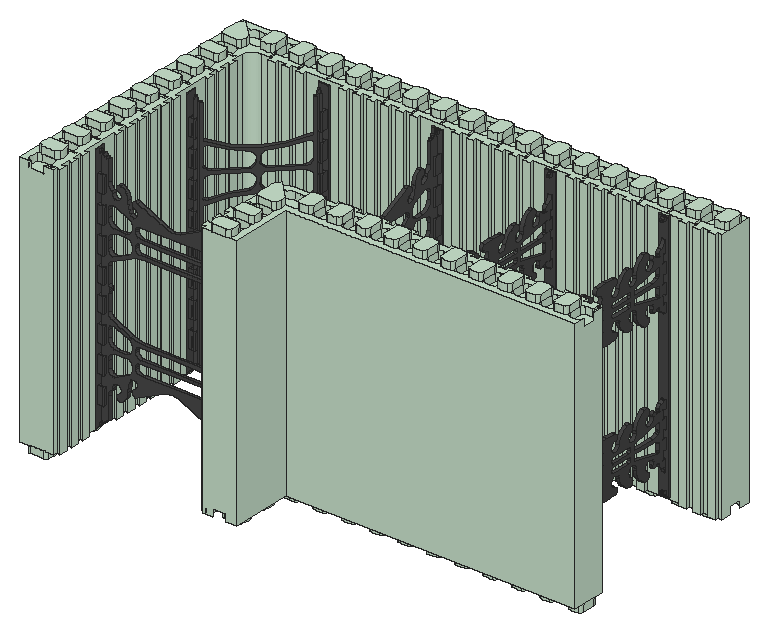
Revit family (continued)
Definition of nested family "NUDURA 10-inch Corner Insert Web"
  Forms (in)
    Extrusion 1, solid, material "Polypropylene"
      sketch origin (0, 1.8125, 0.26) x (0, 1, 0) y (0, 0, 1)
        loop
          arc (0.96879, 2.69869) -> (1.18436, 2.74313) -> (1.28125, 2.94076) r 0.25
          line (1.28125, 2.94076) -> (1.28125, 3.84375)
          arc (1.28125, 3.84375) -> (1.1348, 4.1973) -> (0.78125, 4.34375) r 0.5
        loop
          arc (0.78125, 4.53125) -> (1.1348, 4.6777) -> (1.28125, 5.03125) r 0.5
          line (1.28125, 5.03125) -> (1.28125, 5.93424)
          arc (1.28125, 5.93424) -> (1.18436, 6.13187) -> (0.96879, 6.17631) r 0.25
          arc (0.96879, 6.17631) -> (-0.18552, 5.8514) -> (-1.375, 5.69924) r 8.15703
          arc (-1.375, 5.69924) -> (-1.7514, 5.11525) -> (-1.375, 4.53125) r 0.64125
          line (-1.375, 4.53125) -> (0.78125, 4.53125)
        loop
          line (-4.90625, 5.93424) -> (-4.90625, 5.03125)
          arc (-4.90625, 5.03125) -> (-4.7598, 4.6777) -> (-4.40625, 4.53125) r 0.5
          line (-4.40625, 4.53125) -> (-2.25, 4.53125)
          arc (-2.25, 4.53125) -> (-1.8736, 5.11525) -> (-2.25, 5.69924) r 0.64125
          arc (-2.25, 5.69924) -> (-3.43948, 5.8514) -> (-4.59379, 6.17631) r 8.15703
          arc (-4.59379, 6.17631) -> (-4.80936, 6.13187) -> (-4.90625, 5.93424) r 0.25
        loop
          arc (-4.90625, 2.94076) -> (-4.80936, 2.74313) -> (-4.59379, 2.69869) r 0.25
          arc (-4.59379, 2.69869) -> (-3.43948, 3.0236) -> (-2.25, 3.17576) r 8.15703
          arc (-2.25, 3.17576) -> (-1.8736, 3.75975) -> (-2.25, 4.34375) r 0.64125
          line (-2.25, 4.34375) -> (-4.40625, 4.34375)
          arc (-4.40625, 4.34375) -> (-4.7598, 4.1973) -> (-4.90625, 3.84375) r 0.5
          line (-4.90625, 3.84375) -> (-4.90625, 2.94076)
      from -0.125 to 0.125
    Extrusion 2, solid, material "Polypropylene"
      sketch origin (0, -0.45164, 23.70793) x (0, 1, 0) y (0, 0, 1)
        loop
          line (-3.07961, -23.44793) -> (-3.00461, -23.67793)
          arc (-3.00461, -23.67793) -> (-2.95461, -23.70793) -> (-2.90461, -23.67793) r 0.05667
          line (-2.90461, -23.67793) -> (-2.82961, -23.44793) -> (-2.82961, -6.9054) -> (-2.90461, -6.6754)
          arc (-2.90461, -6.6754) -> (-2.95461, -6.6454) -> (-3.00461, -6.6754) r 0.05667
          line (-3.00461, -6.6754) -> (-3.07961, -6.9054) -> (-3.07961, -23.44793)
      from 0.14171 to 0.39171
    Extrusion 3, solid, material "Polypropylene"
      sketch origin (0, 6.36086, 23.70793) x (0, 1, 0) y (0, 0, 1)
        loop
          line (-3.07961, -23.44793) -> (-3.00461, -23.67793)
          arc (-3.00461, -23.67793) -> (-2.95461, -23.70793) -> (-2.90461, -23.67793) r 0.05667
          line (-2.90461, -23.67793) -> (-2.82961, -23.44793) -> (-2.82961, -6.9054) -> (-2.90461, -6.6754)
          arc (-2.90461, -6.6754) -> (-2.95461, -6.6454) -> (-3.00461, -6.6754) r 0.05667
          line (-3.00461, -6.6754) -> (-3.07961, -6.9054) -> (-3.07961, -23.44793)
      from 0.14171 to 0.39171
    Extrusion 4, solid, material "Polypropylene"
      sketch origin (0, 0.40625, 0) x (1, 0, 0) y (0, 1, 0)
        loop
          line (0.125, -3.50401) -> (0.125, -3.625) -> (0.09265, -3.625) -> (0.14171, -3.80849) -> (0.14171, -3.6875) -> (0.17406, -3.6875) -> (0.125, -3.50401)
      from 0.26 to 16.80253
    Extrusion 5, solid, material "Polypropylene"
      sketch origin (0, -0.40625, 0) x (1, 0, 0) y (0, 1, 0)
        loop
          line (0.125, 3.50401) -> (0.17406, 3.6875) -> (0.14171, 3.6875) -> (0.14171, 3.80849) -> (0.09265, 3.625) -> (0.125, 3.625) -> (0.125, 3.50401)
      from 0.26 to 16.80253
Definition of nested family "NUDURA Diamond Pattern"
  Reference planes (in)
    plane 1 "Center (Front/Back)": y = 0
    plane 2: z = 0
    plane 3 "Center (Left/Right)": x = 0
    plane 4: z = 18
  Lines and regions (in)
    model lines
      curve 1: line (8, -5.625, 18) -> (8, -5.625, 0)
      curve 2: line (6, -5.625, 18) -> (6, -5.625, 0)
      curve 3: line (2, -5.625, 18) -> (2, -5.625, 0)
      curve 4: line (3.35367, -5.625, 16.98484) -> (3.69709, -5.625, 16.64142)
      curve 5: arc (3.35367, -5.625, 17.51517) -> (3.24384, -5.625, 17.25) -> (3.35367, -5.625, 16.98484) r 0.375
      curve 6: line (3.72867, -5.625, 17.89017) -> (3.35367, -5.625, 17.51517)
      curve 7: arc (4.259, -5.625, 17.89017) -> (3.99384, -5.625, 18) -> (3.72867, -5.625, 17.89017) r 0.375
      curve 8: line (4.634, -5.625, 17.51517) -> (4.259, -5.625, 17.89017)
      curve 9: arc (4.634, -5.625, 16.98484) -> (4.74384, -5.625, 17.25) -> (4.634, -5.625, 17.51517) r 0.375
      curve 10: line (4.29059, -5.625, 16.64142) -> (4.634, -5.625, 16.98484)
      curve 11: arc (4.17062, -5.625, 17.80178) -> (3.99384, -5.625, 17.875) -> (3.81706, -5.625, 17.80178) r 0.25
      curve 12: line (4.54562, -5.625, 17.42678) -> (4.17062, -5.625, 17.80178)
      curve 13: arc (4.54562, -5.625, 17.07322) -> (4.61884, -5.625, 17.25) -> (4.54562, -5.625, 17.42678) r 0.25
      curve 14: line (4.17062, -5.625, 16.69822) -> (4.54562, -5.625, 17.07322)
      curve 15: arc (3.81706, -5.625, 16.69822) -> (3.99384, -5.625, 16.625) -> (4.17062, -5.625, 16.69822) r 0.25
      curve 16: line (3.44206, -5.625, 17.07322) -> (3.81706, -5.625, 16.69822)
      curve 17: arc (3.44206, -5.625, 17.42678) -> (3.36884, -5.625, 17.25) -> (3.44206, -5.625, 17.07322) r 0.25
      curve 18: line (3.81706, -5.625, 17.80178) -> (3.44206, -5.625, 17.42678)
      curve 19: arc (3.69709, -5.625, 16.35858) -> (3.75567, -5.625, 16.5) -> (3.69709, -5.625, 16.64142) r 0.2
      curve 20: line (4.634, -5.625, 16.01517) -> (4.29059, -5.625, 16.35858)
      curve 21: arc (4.634, -5.625, 15.48484) -> (4.74384, -5.625, 15.75) -> (4.634, -5.625, 16.01517) r 0.375
      curve 22: line (4.29059, -5.625, 15.14142) -> (4.634, -5.625, 15.48484)
      curve 23: line (3.35367, -5.625, 15.48484) -> (3.69709, -5.625, 15.14142)
      curve 24: arc (3.35367, -5.625, 16.01517) -> (3.24384, -5.625, 15.75) -> (3.35367, -5.625, 15.48484) r 0.375
      curve 25: line (3.69709, -5.625, 16.35858) -> (3.35367, -5.625, 16.01517)
      curve 26: arc (4.17062, -5.625, 16.30178) -> (3.99384, -5.625, 16.375) -> (3.81706, -5.625, 16.30178) r 0.25
      curve 27: line (3.81706, -5.625, 16.30178) -> (3.44206, -5.625, 15.92678)
      curve 28: arc (3.44206, -5.625, 15.92678) -> (3.36884, -5.625, 15.75) -> (3.44206, -5.625, 15.57322) r 0.25
      curve 29: line (3.44206, -5.625, 15.57322) -> (3.81706, -5.625, 15.19822)
      curve 30: arc (3.81706, -5.625, 15.19822) -> (3.99384, -5.625, 15.125) -> (4.17062, -5.625, 15.19822) r 0.25
      curve 31: line (4.17062, -5.625, 15.19822) -> (4.54562, -5.625, 15.57322)
      curve 32: arc (4.54562, -5.625, 15.57322) -> (4.61884, -5.625, 15.75) -> (4.54562, -5.625, 15.92678) r 0.25
      curve 33: line (4.54562, -5.625, 15.92678) -> (4.17062, -5.625, 16.30178)
      curve 34: arc (3.69709, -5.625, 14.85858) -> (3.75567, -5.625, 15) -> (3.69709, -5.625, 15.14142) r 0.2
      curve 35: line (4.634, -5.625, 14.51517) -> (4.29059, -5.625, 14.85858)
      curve 36: arc (4.634, -5.625, 13.98484) -> (4.74384, -5.625, 14.25) -> (4.634, -5.625, 14.51517) r 0.375
      curve 37: line (4.29059, -5.625, 13.64142) -> (4.634, -5.625, 13.98484)
      curve 38: line (3.35367, -5.625, 13.98484) -> (3.69709, -5.625, 13.64142)
      curve 39: arc (3.35367, -5.625, 14.51517) -> (3.24384, -5.625, 14.25) -> (3.35367, -5.625, 13.98484) r 0.375
      curve 40: line (3.69709, -5.625, 14.85858) -> (3.35367, -5.625, 14.51517)
      curve 41: arc (4.17062, -5.625, 14.80178) -> (3.99384, -5.625, 14.875) -> (3.81706, -5.625, 14.80178) r 0.25
      curve 42: line (3.81706, -5.625, 14.80178) -> (3.44206, -5.625, 14.42678)
      curve 43: arc (3.44206, -5.625, 14.42678) -> (3.36884, -5.625, 14.25) -> (3.44206, -5.625, 14.07322) r 0.25
      curve 44: line (3.44206, -5.625, 14.07322) -> (3.81706, -5.625, 13.69822)
      curve 45: arc (3.81706, -5.625, 13.69822) -> (3.99384, -5.625, 13.625) -> (4.17062, -5.625, 13.69822) r 0.25
      curve 46: line (4.17062, -5.625, 13.69822) -> (4.54562, -5.625, 14.07322)
      curve 47: arc (4.54562, -5.625, 14.07322) -> (4.61884, -5.625, 14.25) -> (4.54562, -5.625, 14.42678) r 0.25
      curve 48: line (4.54562, -5.625, 14.42678) -> (4.17062, -5.625, 14.80178)
      curve 49: arc (3.69709, -5.625, 13.35858) -> (3.75567, -5.625, 13.5) -> (3.69709, -5.625, 13.64142) r 0.2
      curve 50: line (4.634, -5.625, 13.01517) -> (4.29059, -5.625, 13.35858)
      curve 51: arc (4.634, -5.625, 12.48484) -> (4.74384, -5.625, 12.75) -> (4.634, -5.625, 13.01517) r 0.375
      curve 52: line (4.29059, -5.625, 12.14142) -> (4.634, -5.625, 12.48484)
      curve 53: line (3.35367, -5.625, 12.48484) -> (3.69709, -5.625, 12.14142)
      curve 54: arc (3.35367, -5.625, 13.01517) -> (3.24384, -5.625, 12.75) -> (3.35367, -5.625, 12.48484) r 0.375
      curve 55: line (3.69709, -5.625, 13.35858) -> (3.35367, -5.625, 13.01517)
      curve 56: arc (4.17062, -5.625, 13.30178) -> (3.99384, -5.625, 13.375) -> (3.81706, -5.625, 13.30178) r 0.25
      curve 57: line (3.81706, -5.625, 13.30178) -> (3.44206, -5.625, 12.92678)
      curve 58: arc (3.44206, -5.625, 12.92678) -> (3.36884, -5.625, 12.75) -> (3.44206, -5.625, 12.57322) r 0.25
      curve 59: line (3.44206, -5.625, 12.57322) -> (3.81706, -5.625, 12.19822)
      curve 60: arc (3.81706, -5.625, 12.19822) -> (3.99384, -5.625, 12.125) -> (4.17062, -5.625, 12.19822) r 0.25
      curve 61: line (4.17062, -5.625, 12.19822) -> (4.54562, -5.625, 12.57322)
      curve 62: arc (4.54562, -5.625, 12.57322) -> (4.61884, -5.625, 12.75) -> (4.54562, -5.625, 12.92678) r 0.25
      curve 63: line (4.54562, -5.625, 12.92678) -> (4.17062, -5.625, 13.30178)
      curve 64: arc (3.69709, -5.625, 11.85858) -> (3.75567, -5.625, 12) -> (3.69709, -5.625, 12.14142) r 0.2
      curve 65: line (4.634, -5.625, 11.51517) -> (4.29059, -5.625, 11.85858)
      curve 66: arc (4.634, -5.625, 10.98484) -> (4.74384, -5.625, 11.25) -> (4.634, -5.625, 11.51517) r 0.375
      curve 67: line (4.29059, -5.625, 10.64142) -> (4.634, -5.625, 10.98484)
      curve 68: line (3.35367, -5.625, 10.98484) -> (3.69709, -5.625, 10.64142)
      curve 69: arc (3.35367, -5.625, 11.51517) -> (3.24384, -5.625, 11.25) -> (3.35367, -5.625, 10.98484) r 0.375
      curve 70: line (3.69709, -5.625, 11.85858) -> (3.35367, -5.625, 11.51517)
      curve 71: arc (4.17062, -5.625, 11.80178) -> (3.99384, -5.625, 11.875) -> (3.81706, -5.625, 11.80178) r 0.25
      curve 72: line (3.81706, -5.625, 11.80178) -> (3.44206, -5.625, 11.42678)
      curve 73: arc (3.44206, -5.625, 11.42678) -> (3.36884, -5.625, 11.25) -> (3.44206, -5.625, 11.07322) r 0.25
      curve 74: line (3.44206, -5.625, 11.07322) -> (3.81706, -5.625, 10.69822)
      curve 75: arc (3.81706, -5.625, 10.69822) -> (3.99384, -5.625, 10.625) -> (4.17062, -5.625, 10.69822) r 0.25
      curve 76: line (4.17062, -5.625, 10.69822) -> (4.54562, -5.625, 11.07322)
      curve 77: arc (4.54562, -5.625, 11.07322) -> (4.61884, -5.625, 11.25) -> (4.54562, -5.625, 11.42678) r 0.25
      curve 78: line (4.54562, -5.625, 11.42678) -> (4.17062, -5.625, 11.80178)
      curve 79: arc (3.69709, -5.625, 10.35858) -> (3.75567, -5.625, 10.5) -> (3.69709, -5.625, 10.64142) r 0.2
      curve 80: line (4.634, -5.625, 10.01517) -> (4.29059, -5.625, 10.35858)
      curve 81: arc (4.634, -5.625, 9.48484) -> (4.74384, -5.625, 9.75) -> (4.634, -5.625, 10.01517) r 0.375
      curve 82: line (4.29059, -5.625, 9.14142) -> (4.634, -5.625, 9.48484)
      curve 83: line (3.35367, -5.625, 9.48484) -> (3.69709, -5.625, 9.14142)
      curve 84: arc (3.35367, -5.625, 10.01517) -> (3.24384, -5.625, 9.75) -> (3.35367, -5.625, 9.48484) r 0.375
      curve 85: line (3.69709, -5.625, 10.35858) -> (3.35367, -5.625, 10.01517)
      curve 86: arc (4.17062, -5.625, 10.30178) -> (3.99384, -5.625, 10.375) -> (3.81706, -5.625, 10.30178) r 0.25
      curve 87: line (3.81706, -5.625, 10.30178) -> (3.44206, -5.625, 9.92678)
      curve 88: arc (3.44206, -5.625, 9.92678) -> (3.36884, -5.625, 9.75) -> (3.44206, -5.625, 9.57322) r 0.25
      curve 89: line (3.44206, -5.625, 9.57322) -> (3.81706, -5.625, 9.19822)
      curve 90: arc (3.81706, -5.625, 9.19822) -> (3.99384, -5.625, 9.125) -> (4.17062, -5.625, 9.19822) r 0.25
      curve 91: line (4.17062, -5.625, 9.19822) -> (4.54562, -5.625, 9.57322)
      curve 92: arc (4.54562, -5.625, 9.57322) -> (4.61884, -5.625, 9.75) -> (4.54562, -5.625, 9.92678) r 0.25
      curve 93: line (4.54562, -5.625, 9.92678) -> (4.17062, -5.625, 10.30178)
      curve 94: arc (3.69709, -5.625, 8.85858) -> (3.75567, -5.625, 9) -> (3.69709, -5.625, 9.14142) r 0.2
      curve 95: line (4.634, -5.625, 8.51517) -> (4.29059, -5.625, 8.85858)
      curve 96: arc (4.634, -5.625, 7.98484) -> (4.74384, -5.625, 8.25) -> (4.634, -5.625, 8.51517) r 0.375
      curve 97: line (4.29059, -5.625, 7.64142) -> (4.634, -5.625, 7.98484)
      curve 98: line (3.35367, -5.625, 7.98484) -> (3.69709, -5.625, 7.64142)
      curve 99: arc (3.35367, -5.625, 8.51517) -> (3.24384, -5.625, 8.25) -> (3.35367, -5.625, 7.98484) r 0.375
      curve 100: line (3.69709, -5.625, 8.85858) -> (3.35367, -5.625, 8.51517)
      curve 101: arc (4.17062, -5.625, 8.80178) -> (3.99384, -5.625, 8.875) -> (3.81706, -5.625, 8.80178) r 0.25
      curve 102: line (3.81706, -5.625, 8.80178) -> (3.44206, -5.625, 8.42678)
      curve 103: arc (3.44206, -5.625, 8.42678) -> (3.36884, -5.625, 8.25) -> (3.44206, -5.625, 8.07322) r 0.25
      curve 104: line (3.44206, -5.625, 8.07322) -> (3.81706, -5.625, 7.69822)
      curve 105: arc (3.81706, -5.625, 7.69822) -> (3.99384, -5.625, 7.625) -> (4.17062, -5.625, 7.69822) r 0.25
      curve 106: line (4.17062, -5.625, 7.69822) -> (4.54562, -5.625, 8.07322)
      curve 107: arc (4.54562, -5.625, 8.07322) -> (4.61884, -5.625, 8.25) -> (4.54562, -5.625, 8.42678) r 0.25
      curve 108: line (4.54562, -5.625, 8.42678) -> (4.17062, -5.625, 8.80178)
      curve 109: arc (3.69709, -5.625, 7.35858) -> (3.75567, -5.625, 7.5) -> (3.69709, -5.625, 7.64142) r 0.2
      curve 110: line (4.634, -5.625, 7.01517) -> (4.29059, -5.625, 7.35858)
      curve 111: arc (4.634, -5.625, 6.48484) -> (4.74384, -5.625, 6.75) -> (4.634, -5.625, 7.01517) r 0.375
      curve 112: line (4.29059, -5.625, 6.14142) -> (4.634, -5.625, 6.48484)
      curve 113: line (3.35367, -5.625, 6.48484) -> (3.69709, -5.625, 6.14142)
      curve 114: arc (3.35367, -5.625, 7.01517) -> (3.24384, -5.625, 6.75) -> (3.35367, -5.625, 6.48484) r 0.375
      curve 115: line (3.69709, -5.625, 7.35858) -> (3.35367, -5.625, 7.01517)
      curve 116: arc (4.17062, -5.625, 7.30178) -> (3.99384, -5.625, 7.375) -> (3.81706, -5.625, 7.30178) r 0.25
      curve 117: line (3.81706, -5.625, 7.30178) -> (3.44206, -5.625, 6.92678)
      curve 118: arc (3.44206, -5.625, 6.92678) -> (3.36884, -5.625, 6.75) -> (3.44206, -5.625, 6.57322) r 0.25
      curve 119: line (3.44206, -5.625, 6.57322) -> (3.81706, -5.625, 6.19822)
      curve 120: arc (3.81706, -5.625, 6.19822) -> (3.99384, -5.625, 6.125) -> (4.17062, -5.625, 6.19822) r 0.25
      curve 121: line (4.17062, -5.625, 6.19822) -> (4.54562, -5.625, 6.57322)
      curve 122: arc (4.54562, -5.625, 6.57322) -> (4.61884, -5.625, 6.75) -> (4.54562, -5.625, 6.92678) r 0.25
      curve 123: line (4.54562, -5.625, 6.92678) -> (4.17062, -5.625, 7.30178)
      curve 124: arc (3.69709, -5.625, 5.85858) -> (3.75567, -5.625, 6) -> (3.69709, -5.625, 6.14142) r 0.2
      curve 125: line (4.634, -5.625, 5.51517) -> (4.29059, -5.625, 5.85858)
      curve 126: arc (4.634, -5.625, 4.98484) -> (4.74384, -5.625, 5.25) -> (4.634, -5.625, 5.51517) r 0.375
      curve 127: line (4.29059, -5.625, 4.64142) -> (4.634, -5.625, 4.98484)
      curve 128: line (3.35367, -5.625, 4.98484) -> (3.69709, -5.625, 4.64142)
      curve 129: arc (3.35367, -5.625, 5.51517) -> (3.24384, -5.625, 5.25) -> (3.35367, -5.625, 4.98484) r 0.375
      curve 130: line (3.69709, -5.625, 5.85858) -> (3.35367, -5.625, 5.51517)
      curve 131: arc (4.17062, -5.625, 5.80178) -> (3.99384, -5.625, 5.875) -> (3.81706, -5.625, 5.80178) r 0.25
      curve 132: line (3.81706, -5.625, 5.80178) -> (3.44206, -5.625, 5.42678)
      curve 133: arc (3.44206, -5.625, 5.42678) -> (3.36884, -5.625, 5.25) -> (3.44206, -5.625, 5.07322) r 0.25
      curve 134: line (3.44206, -5.625, 5.07322) -> (3.81706, -5.625, 4.69822)
      curve 135: arc (3.81706, -5.625, 4.69822) -> (3.99384, -5.625, 4.625) -> (4.17062, -5.625, 4.69822) r 0.25
      curve 136: line (4.17062, -5.625, 4.69822) -> (4.54562, -5.625, 5.07322)
      curve 137: arc (4.54562, -5.625, 5.07322) -> (4.61884, -5.625, 5.25) -> (4.54562, -5.625, 5.42678) r 0.25
      curve 138: line (4.54562, -5.625, 5.42678) -> (4.17062, -5.625, 5.80178)
      curve 139: arc (3.69709, -5.625, 4.35858) -> (3.75567, -5.625, 4.5) -> (3.69709, -5.625, 4.64142) r 0.2
      curve 140: line (4.634, -5.625, 4.01517) -> (4.29059, -5.625, 4.35858)
      curve 141: arc (4.634, -5.625, 3.48484) -> (4.74384, -5.625, 3.75) -> (4.634, -5.625, 4.01517) r 0.375
      curve 142: line (4.29059, -5.625, 3.14142) -> (4.634, -5.625, 3.48484)
      curve 143: line (3.35367, -5.625, 3.48484) -> (3.69709, -5.625, 3.14142)
      curve 144: arc (3.35367, -5.625, 4.01517) -> (3.24384, -5.625, 3.75) -> (3.35367, -5.625, 3.48484) r 0.375
      curve 145: line (3.69709, -5.625, 4.35858) -> (3.35367, -5.625, 4.01517)
      curve 146: arc (4.17062, -5.625, 4.30178) -> (3.99384, -5.625, 4.375) -> (3.81706, -5.625, 4.30178) r 0.25
      curve 147: line (3.81706, -5.625, 4.30178) -> (3.44206, -5.625, 3.92678)
      curve 148: arc (3.44206, -5.625, 3.92678) -> (3.36884, -5.625, 3.75) -> (3.44206, -5.625, 3.57322) r 0.25
      curve 149: line (3.44206, -5.625, 3.57322) -> (3.81706, -5.625, 3.19822)
      curve 150: arc (3.81706, -5.625, 3.19822) -> (3.99384, -5.625, 3.125) -> (4.17062, -5.625, 3.19822) r 0.25
      curve 151: line (4.17062, -5.625, 3.19822) -> (4.54562, -5.625, 3.57322)
      curve 152: arc (4.54562, -5.625, 3.57322) -> (4.61884, -5.625, 3.75) -> (4.54562, -5.625, 3.92678) r 0.25
      curve 153: line (4.54562, -5.625, 3.92678) -> (4.17062, -5.625, 4.30178)
      curve 154: arc (3.69709, -5.625, 2.85858) -> (3.75567, -5.625, 3) -> (3.69709, -5.625, 3.14142) r 0.2
      curve 155: line (4.634, -5.625, 2.51517) -> (4.29059, -5.625, 2.85858)
      curve 156: arc (4.634, -5.625, 1.98484) -> (4.74384, -5.625, 2.25) -> (4.634, -5.625, 2.51517) r 0.375
      curve 157: line (4.29059, -5.625, 1.64142) -> (4.634, -5.625, 1.98484)
      curve 158: line (3.35367, -5.625, 1.98484) -> (3.69709, -5.625, 1.64142)
      curve 159: arc (3.35367, -5.625, 2.51517) -> (3.24384, -5.625, 2.25) -> (3.35367, -5.625, 1.98484) r 0.375
      curve 160: line (3.69709, -5.625, 2.85858) -> (3.35367, -5.625, 2.51517)
      curve 161: arc (4.17062, -5.625, 2.80178) -> (3.99384, -5.625, 2.875) -> (3.81706, -5.625, 2.80178) r 0.25
      curve 162: line (3.81706, -5.625, 2.80178) -> (3.44206, -5.625, 2.42678)
      curve 163: arc (3.44206, -5.625, 2.42678) -> (3.36884, -5.625, 2.25) -> (3.44206, -5.625, 2.07322) r 0.25
      curve 164: line (3.44206, -5.625, 2.07322) -> (3.81706, -5.625, 1.69822)
      curve 165: arc (3.81706, -5.625, 1.69822) -> (3.99384, -5.625, 1.625) -> (4.17062, -5.625, 1.69822) r 0.25
      curve 166: line (4.17062, -5.625, 1.69822) -> (4.54562, -5.625, 2.07322)
      curve 167: arc (4.54562, -5.625, 2.07322) -> (4.61884, -5.625, 2.25) -> (4.54562, -5.625, 2.42678) r 0.25
      curve 168: line (4.54562, -5.625, 2.42678) -> (4.17062, -5.625, 2.80178)
      curve 169: arc (3.69709, -5.625, 1.35858) -> (3.75567, -5.625, 1.5) -> (3.69709, -5.625, 1.64142) r 0.2
      curve 170: line (3.69709, -5.625, 1.35858) -> (3.35367, -5.625, 1.01517)
      curve 171: arc (3.35367, -5.625, 1.01517) -> (3.24384, -5.625, 0.75) -> (3.35367, -5.625, 0.48484) r 0.375
      curve 172: line (3.35367, -5.625, 0.48484) -> (3.72867, -5.625, 0.10984)
      curve 173: arc (3.72867, -5.625, 0.10984) -> (3.99384, -5.625, 0) -> (4.259, -5.625, 0.10984) r 0.375
      curve 174: line (4.259, -5.625, 0.10984) -> (4.634, -5.625, 0.48484)
      curve 175: arc (4.634, -5.625, 0.48484) -> (4.74384, -5.625, 0.75) -> (4.634, -5.625, 1.01517) r 0.375
      curve 176: line (4.634, -5.625, 1.01517) -> (4.29059, -5.625, 1.35858)
      curve 177: arc (4.29059, -5.625, 1.64142) -> (4.23201, -5.625, 1.5) -> (4.29059, -5.625, 1.35858) r 0.2
      curve 178: arc (4.17062, -5.625, 1.30178) -> (3.99384, -5.625, 1.375) -> (3.81706, -5.625, 1.30178) r 0.25
      curve 179: line (4.54562, -5.625, 0.92678) -> (4.17062, -5.625, 1.30178)
      curve 180: arc (4.54562, -5.625, 0.57322) -> (4.61884, -5.625, 0.75) -> (4.54562, -5.625, 0.92678) r 0.25
      curve 181: line (4.17062, -5.625, 0.19822) -> (4.54562, -5.625, 0.57322)
      curve 182: arc (3.81706, -5.625, 0.19822) -> (3.99384, -5.625, 0.125) -> (4.17062, -5.625, 0.19822) r 0.25
      curve 183: line (3.44206, -5.625, 0.57322) -> (3.81706, -5.625, 0.19822)
      curve 184: arc (3.44206, -5.625, 0.92678) -> (3.36884, -5.625, 0.75) -> (3.44206, -5.625, 0.57322) r 0.25
      curve 185: line (3.81706, -5.625, 1.30178) -> (3.44206, -5.625, 0.92678)
      curve 186: arc (4.29059, -5.625, 3.14142) -> (4.23201, -5.625, 3) -> (4.29059, -5.625, 2.85858) r 0.2
      curve 187: arc (4.29059, -5.625, 4.64142) -> (4.23201, -5.625, 4.5) -> (4.29059, -5.625, 4.35858) r 0.2
      curve 188: arc (4.29059, -5.625, 6.14142) -> (4.23201, -5.625, 6) -> (4.29059, -5.625, 5.85858) r 0.2
      curve 189: arc (4.29059, -5.625, 7.64142) -> (4.23201, -5.625, 7.5) -> (4.29059, -5.625, 7.35858) r 0.2
      curve 190: arc (4.29059, -5.625, 9.14142) -> (4.23201, -5.625, 9) -> (4.29059, -5.625, 8.85858) r 0.2
      curve 191: arc (4.29059, -5.625, 10.64142) -> (4.23201, -5.625, 10.5) -> (4.29059, -5.625, 10.35858) r 0.2
      curve 192: arc (4.29059, -5.625, 12.14142) -> (4.23201, -5.625, 12) -> (4.29059, -5.625, 11.85858) r 0.2
      curve 193: arc (4.29059, -5.625, 13.64142) -> (4.23201, -5.625, 13.5) -> (4.29059, -5.625, 13.35858) r 0.2
      curve 194: arc (4.29059, -5.625, 15.14142) -> (4.23201, -5.625, 15) -> (4.29059, -5.625, 14.85858) r 0.2
      curve 195: arc (4.29059, -5.625, 16.64142) -> (4.23201, -5.625, 16.5) -> (4.29059, -5.625, 16.35858) r 0.2
Definition of nested family "NUDURA Diamond Pattern Missing Two lines"
  Reference planes (in)
    plane 1 "Center (Front/Back)": y = 0
    plane 2: z = 0
    plane 3 "Center (Left/Right)": x = 0
    plane 4: z = 18
  Lines and regions (in)
    model lines
      curve 1: line (2, -5.625, 18) -> (2, -5.625, 0)
      curve 2: line (3.35367, -5.625, 16.98484) -> (3.69709, -5.625, 16.64142)
      curve 3: arc (3.35367, -5.625, 17.51517) -> (3.24384, -5.625, 17.25) -> (3.35367, -5.625, 16.98484) r 0.375
      curve 4: line (3.72867, -5.625, 17.89017) -> (3.35367, -5.625, 17.51517)
      curve 5: arc (4.259, -5.625, 17.89017) -> (3.99384, -5.625, 18) -> (3.72867, -5.625, 17.89017) r 0.375
      curve 6: line (4.634, -5.625, 17.51517) -> (4.259, -5.625, 17.89017)
      curve 7: arc (4.634, -5.625, 16.98484) -> (4.74384, -5.625, 17.25) -> (4.634, -5.625, 17.51517) r 0.375
      curve 8: line (4.29059, -5.625, 16.64142) -> (4.634, -5.625, 16.98484)
      curve 9: arc (4.17062, -5.625, 17.80178) -> (3.99384, -5.625, 17.875) -> (3.81706, -5.625, 17.80178) r 0.25
      curve 10: line (4.54562, -5.625, 17.42678) -> (4.17062, -5.625, 17.80178)
      curve 11: arc (4.54562, -5.625, 17.07322) -> (4.61884, -5.625, 17.25) -> (4.54562, -5.625, 17.42678) r 0.25
      curve 12: line (4.17062, -5.625, 16.69822) -> (4.54562, -5.625, 17.07322)
      curve 13: arc (3.81706, -5.625, 16.69822) -> (3.99384, -5.625, 16.625) -> (4.17062, -5.625, 16.69822) r 0.25
      curve 14: line (3.44206, -5.625, 17.07322) -> (3.81706, -5.625, 16.69822)
      curve 15: arc (3.44206, -5.625, 17.42678) -> (3.36884, -5.625, 17.25) -> (3.44206, -5.625, 17.07322) r 0.25
      curve 16: line (3.81706, -5.625, 17.80178) -> (3.44206, -5.625, 17.42678)
      curve 17: arc (3.69709, -5.625, 16.35858) -> (3.75567, -5.625, 16.5) -> (3.69709, -5.625, 16.64142) r 0.2
      curve 18: line (4.634, -5.625, 16.01517) -> (4.29059, -5.625, 16.35858)
      curve 19: arc (4.634, -5.625, 15.48484) -> (4.74384, -5.625, 15.75) -> (4.634, -5.625, 16.01517) r 0.375
      curve 20: line (4.29059, -5.625, 15.14142) -> (4.634, -5.625, 15.48484)
      curve 21: line (3.35367, -5.625, 15.48484) -> (3.69709, -5.625, 15.14142)
      curve 22: arc (3.35367, -5.625, 16.01517) -> (3.24384, -5.625, 15.75) -> (3.35367, -5.625, 15.48484) r 0.375
      curve 23: line (3.69709, -5.625, 16.35858) -> (3.35367, -5.625, 16.01517)
      curve 24: arc (4.17062, -5.625, 16.30178) -> (3.99384, -5.625, 16.375) -> (3.81706, -5.625, 16.30178) r 0.25
      curve 25: line (3.81706, -5.625, 16.30178) -> (3.44206, -5.625, 15.92678)
      curve 26: arc (3.44206, -5.625, 15.92678) -> (3.36884, -5.625, 15.75) -> (3.44206, -5.625, 15.57322) r 0.25
      curve 27: line (3.44206, -5.625, 15.57322) -> (3.81706, -5.625, 15.19822)
      curve 28: arc (3.81706, -5.625, 15.19822) -> (3.99384, -5.625, 15.125) -> (4.17062, -5.625, 15.19822) r 0.25
      curve 29: line (4.17062, -5.625, 15.19822) -> (4.54562, -5.625, 15.57322)
      curve 30: arc (4.54562, -5.625, 15.57322) -> (4.61884, -5.625, 15.75) -> (4.54562, -5.625, 15.92678) r 0.25
      curve 31: line (4.54562, -5.625, 15.92678) -> (4.17062, -5.625, 16.30178)
      curve 32: arc (3.69709, -5.625, 14.85858) -> (3.75567, -5.625, 15) -> (3.69709, -5.625, 15.14142) r 0.2
      curve 33: line (4.634, -5.625, 14.51517) -> (4.29059, -5.625, 14.85858)
      curve 34: arc (4.634, -5.625, 13.98484) -> (4.74384, -5.625, 14.25) -> (4.634, -5.625, 14.51517) r 0.375
      curve 35: line (4.29059, -5.625, 13.64142) -> (4.634, -5.625, 13.98484)
      curve 36: line (3.35367, -5.625, 13.98484) -> (3.69709, -5.625, 13.64142)
      curve 37: arc (3.35367, -5.625, 14.51517) -> (3.24384, -5.625, 14.25) -> (3.35367, -5.625, 13.98484) r 0.375
      curve 38: line (3.69709, -5.625, 14.85858) -> (3.35367, -5.625, 14.51517)
      curve 39: arc (4.17062, -5.625, 14.80178) -> (3.99384, -5.625, 14.875) -> (3.81706, -5.625, 14.80178) r 0.25
      curve 40: line (3.81706, -5.625, 14.80178) -> (3.44206, -5.625, 14.42678)
      curve 41: arc (3.44206, -5.625, 14.42678) -> (3.36884, -5.625, 14.25) -> (3.44206, -5.625, 14.07322) r 0.25
      curve 42: line (3.44206, -5.625, 14.07322) -> (3.81706, -5.625, 13.69822)
      curve 43: arc (3.81706, -5.625, 13.69822) -> (3.99384, -5.625, 13.625) -> (4.17062, -5.625, 13.69822) r 0.25
      curve 44: line (4.17062, -5.625, 13.69822) -> (4.54562, -5.625, 14.07322)
      curve 45: arc (4.54562, -5.625, 14.07322) -> (4.61884, -5.625, 14.25) -> (4.54562, -5.625, 14.42678) r 0.25
      curve 46: line (4.54562, -5.625, 14.42678) -> (4.17062, -5.625, 14.80178)
      curve 47: arc (3.69709, -5.625, 13.35858) -> (3.75567, -5.625, 13.5) -> (3.69709, -5.625, 13.64142) r 0.2
      curve 48: line (4.634, -5.625, 13.01517) -> (4.29059, -5.625, 13.35858)
      curve 49: arc (4.634, -5.625, 12.48484) -> (4.74384, -5.625, 12.75) -> (4.634, -5.625, 13.01517) r 0.375
      curve 50: line (4.29059, -5.625, 12.14142) -> (4.634, -5.625, 12.48484)
      curve 51: line (3.35367, -5.625, 12.48484) -> (3.69709, -5.625, 12.14142)
      curve 52: arc (3.35367, -5.625, 13.01517) -> (3.24384, -5.625, 12.75) -> (3.35367, -5.625, 12.48484) r 0.375
      curve 53: line (3.69709, -5.625, 13.35858) -> (3.35367, -5.625, 13.01517)
      curve 54: arc (4.17062, -5.625, 13.30178) -> (3.99384, -5.625, 13.375) -> (3.81706, -5.625, 13.30178) r 0.25
      curve 55: line (3.81706, -5.625, 13.30178) -> (3.44206, -5.625, 12.92678)
      curve 56: arc (3.44206, -5.625, 12.92678) -> (3.36884, -5.625, 12.75) -> (3.44206, -5.625, 12.57322) r 0.25
      curve 57: line (3.44206, -5.625, 12.57322) -> (3.81706, -5.625, 12.19822)
      curve 58: arc (3.81706, -5.625, 12.19822) -> (3.99384, -5.625, 12.125) -> (4.17062, -5.625, 12.19822) r 0.25
      curve 59: line (4.17062, -5.625, 12.19822) -> (4.54562, -5.625, 12.57322)
      curve 60: arc (4.54562, -5.625, 12.57322) -> (4.61884, -5.625, 12.75) -> (4.54562, -5.625, 12.92678) r 0.25
      curve 61: line (4.54562, -5.625, 12.92678) -> (4.17062, -5.625, 13.30178)
      curve 62: arc (3.69709, -5.625, 11.85858) -> (3.75567, -5.625, 12) -> (3.69709, -5.625, 12.14142) r 0.2
      curve 63: line (4.634, -5.625, 11.51517) -> (4.29059, -5.625, 11.85858)
      curve 64: arc (4.634, -5.625, 10.98484) -> (4.74384, -5.625, 11.25) -> (4.634, -5.625, 11.51517) r 0.375
      curve 65: line (4.29059, -5.625, 10.64142) -> (4.634, -5.625, 10.98484)
      curve 66: line (3.35367, -5.625, 10.98484) -> (3.69709, -5.625, 10.64142)
      curve 67: arc (3.35367, -5.625, 11.51517) -> (3.24384, -5.625, 11.25) -> (3.35367, -5.625, 10.98484) r 0.375
      curve 68: line (3.69709, -5.625, 11.85858) -> (3.35367, -5.625, 11.51517)
      curve 69: arc (4.17062, -5.625, 11.80178) -> (3.99384, -5.625, 11.875) -> (3.81706, -5.625, 11.80178) r 0.25
      curve 70: line (3.81706, -5.625, 11.80178) -> (3.44206, -5.625, 11.42678)
      curve 71: arc (3.44206, -5.625, 11.42678) -> (3.36884, -5.625, 11.25) -> (3.44206, -5.625, 11.07322) r 0.25
      curve 72: line (3.44206, -5.625, 11.07322) -> (3.81706, -5.625, 10.69822)
      curve 73: arc (3.81706, -5.625, 10.69822) -> (3.99384, -5.625, 10.625) -> (4.17062, -5.625, 10.69822) r 0.25
      curve 74: line (4.17062, -5.625, 10.69822) -> (4.54562, -5.625, 11.07322)
      curve 75: arc (4.54562, -5.625, 11.07322) -> (4.61884, -5.625, 11.25) -> (4.54562, -5.625, 11.42678) r 0.25
      curve 76: line (4.54562, -5.625, 11.42678) -> (4.17062, -5.625, 11.80178)
      curve 77: arc (3.69709, -5.625, 10.35858) -> (3.75567, -5.625, 10.5) -> (3.69709, -5.625, 10.64142) r 0.2
      curve 78: line (4.634, -5.625, 10.01517) -> (4.29059, -5.625, 10.35858)
      curve 79: arc (4.634, -5.625, 9.48484) -> (4.74384, -5.625, 9.75) -> (4.634, -5.625, 10.01517) r 0.375
      curve 80: line (4.29059, -5.625, 9.14142) -> (4.634, -5.625, 9.48484)
      curve 81: line (3.35367, -5.625, 9.48484) -> (3.69709, -5.625, 9.14142)
      curve 82: arc (3.35367, -5.625, 10.01517) -> (3.24384, -5.625, 9.75) -> (3.35367, -5.625, 9.48484) r 0.375
      curve 83: line (3.69709, -5.625, 10.35858) -> (3.35367, -5.625, 10.01517)
      curve 84: arc (4.17062, -5.625, 10.30178) -> (3.99384, -5.625, 10.375) -> (3.81706, -5.625, 10.30178) r 0.25
      curve 85: line (3.81706, -5.625, 10.30178) -> (3.44206, -5.625, 9.92678)
      curve 86: arc (3.44206, -5.625, 9.92678) -> (3.36884, -5.625, 9.75) -> (3.44206, -5.625, 9.57322) r 0.25
      curve 87: line (3.44206, -5.625, 9.57322) -> (3.81706, -5.625, 9.19822)
      curve 88: arc (3.81706, -5.625, 9.19822) -> (3.99384, -5.625, 9.125) -> (4.17062, -5.625, 9.19822) r 0.25
      curve 89: line (4.17062, -5.625, 9.19822) -> (4.54562, -5.625, 9.57322)
      curve 90: arc (4.54562, -5.625, 9.57322) -> (4.61884, -5.625, 9.75) -> (4.54562, -5.625, 9.92678) r 0.25
      curve 91: line (4.54562, -5.625, 9.92678) -> (4.17062, -5.625, 10.30178)
      curve 92: arc (3.69709, -5.625, 8.85858) -> (3.75567, -5.625, 9) -> (3.69709, -5.625, 9.14142) r 0.2
      curve 93: line (4.634, -5.625, 8.51517) -> (4.29059, -5.625, 8.85858)
      curve 94: arc (4.634, -5.625, 7.98484) -> (4.74384, -5.625, 8.25) -> (4.634, -5.625, 8.51517) r 0.375
      curve 95: line (4.29059, -5.625, 7.64142) -> (4.634, -5.625, 7.98484)
      curve 96: line (3.35367, -5.625, 7.98484) -> (3.69709, -5.625, 7.64142)
      curve 97: arc (3.35367, -5.625, 8.51517) -> (3.24384, -5.625, 8.25) -> (3.35367, -5.625, 7.98484) r 0.375
      curve 98: line (3.69709, -5.625, 8.85858) -> (3.35367, -5.625, 8.51517)
      curve 99: arc (4.17062, -5.625, 8.80178) -> (3.99384, -5.625, 8.875) -> (3.81706, -5.625, 8.80178) r 0.25
      curve 100: line (3.81706, -5.625, 8.80178) -> (3.44206, -5.625, 8.42678)
      curve 101: arc (3.44206, -5.625, 8.42678) -> (3.36884, -5.625, 8.25) -> (3.44206, -5.625, 8.07322) r 0.25
      curve 102: line (3.44206, -5.625, 8.07322) -> (3.81706, -5.625, 7.69822)
      curve 103: arc (3.81706, -5.625, 7.69822) -> (3.99384, -5.625, 7.625) -> (4.17062, -5.625, 7.69822) r 0.25
      curve 104: line (4.17062, -5.625, 7.69822) -> (4.54562, -5.625, 8.07322)
      curve 105: arc (4.54562, -5.625, 8.07322) -> (4.61884, -5.625, 8.25) -> (4.54562, -5.625, 8.42678) r 0.25
      curve 106: line (4.54562, -5.625, 8.42678) -> (4.17062, -5.625, 8.80178)
      curve 107: arc (3.69709, -5.625, 7.35858) -> (3.75567, -5.625, 7.5) -> (3.69709, -5.625, 7.64142) r 0.2
      curve 108: line (4.634, -5.625, 7.01517) -> (4.29059, -5.625, 7.35858)
      curve 109: arc (4.634, -5.625, 6.48484) -> (4.74384, -5.625, 6.75) -> (4.634, -5.625, 7.01517) r 0.375
      curve 110: line (4.29059, -5.625, 6.14142) -> (4.634, -5.625, 6.48484)
      curve 111: line (3.35367, -5.625, 6.48484) -> (3.69709, -5.625, 6.14142)
      curve 112: arc (3.35367, -5.625, 7.01517) -> (3.24384, -5.625, 6.75) -> (3.35367, -5.625, 6.48484) r 0.375
      curve 113: line (3.69709, -5.625, 7.35858) -> (3.35367, -5.625, 7.01517)
      curve 114: arc (4.17062, -5.625, 7.30178) -> (3.99384, -5.625, 7.375) -> (3.81706, -5.625, 7.30178) r 0.25
      curve 115: line (3.81706, -5.625, 7.30178) -> (3.44206, -5.625, 6.92678)
      curve 116: arc (3.44206, -5.625, 6.92678) -> (3.36884, -5.625, 6.75) -> (3.44206, -5.625, 6.57322) r 0.25
      curve 117: line (3.44206, -5.625, 6.57322) -> (3.81706, -5.625, 6.19822)
      curve 118: arc (3.81706, -5.625, 6.19822) -> (3.99384, -5.625, 6.125) -> (4.17062, -5.625, 6.19822) r 0.25
      curve 119: line (4.17062, -5.625, 6.19822) -> (4.54562, -5.625, 6.57322)
      curve 120: arc (4.54562, -5.625, 6.57322) -> (4.61884, -5.625, 6.75) -> (4.54562, -5.625, 6.92678) r 0.25
      curve 121: line (4.54562, -5.625, 6.92678) -> (4.17062, -5.625, 7.30178)
      curve 122: arc (3.69709, -5.625, 5.85858) -> (3.75567, -5.625, 6) -> (3.69709, -5.625, 6.14142) r 0.2
      curve 123: line (4.634, -5.625, 5.51517) -> (4.29059, -5.625, 5.85858)
      curve 124: arc (4.634, -5.625, 4.98484) -> (4.74384, -5.625, 5.25) -> (4.634, -5.625, 5.51517) r 0.375
      curve 125: line (4.29059, -5.625, 4.64142) -> (4.634, -5.625, 4.98484)
      curve 126: line (3.35367, -5.625, 4.98484) -> (3.69709, -5.625, 4.64142)
      curve 127: arc (3.35367, -5.625, 5.51517) -> (3.24384, -5.625, 5.25) -> (3.35367, -5.625, 4.98484) r 0.375
      curve 128: line (3.69709, -5.625, 5.85858) -> (3.35367, -5.625, 5.51517)
      curve 129: arc (4.17062, -5.625, 5.80178) -> (3.99384, -5.625, 5.875) -> (3.81706, -5.625, 5.80178) r 0.25
      curve 130: line (3.81706, -5.625, 5.80178) -> (3.44206, -5.625, 5.42678)
      curve 131: arc (3.44206, -5.625, 5.42678) -> (3.36884, -5.625, 5.25) -> (3.44206, -5.625, 5.07322) r 0.25
      curve 132: line (3.44206, -5.625, 5.07322) -> (3.81706, -5.625, 4.69822)
      curve 133: arc (3.81706, -5.625, 4.69822) -> (3.99384, -5.625, 4.625) -> (4.17062, -5.625, 4.69822) r 0.25
      curve 134: line (4.17062, -5.625, 4.69822) -> (4.54562, -5.625, 5.07322)
      curve 135: arc (4.54562, -5.625, 5.07322) -> (4.61884, -5.625, 5.25) -> (4.54562, -5.625, 5.42678) r 0.25
      curve 136: line (4.54562, -5.625, 5.42678) -> (4.17062, -5.625, 5.80178)
      curve 137: arc (3.69709, -5.625, 4.35858) -> (3.75567, -5.625, 4.5) -> (3.69709, -5.625, 4.64142) r 0.2
      curve 138: line (4.634, -5.625, 4.01517) -> (4.29059, -5.625, 4.35858)
      curve 139: arc (4.634, -5.625, 3.48484) -> (4.74384, -5.625, 3.75) -> (4.634, -5.625, 4.01517) r 0.375
      curve 140: line (4.29059, -5.625, 3.14142) -> (4.634, -5.625, 3.48484)
      curve 141: line (3.35367, -5.625, 3.48484) -> (3.69709, -5.625, 3.14142)
      curve 142: arc (3.35367, -5.625, 4.01517) -> (3.24384, -5.625, 3.75) -> (3.35367, -5.625, 3.48484) r 0.375
      curve 143: line (3.69709, -5.625, 4.35858) -> (3.35367, -5.625, 4.01517)
      curve 144: arc (4.17062, -5.625, 4.30178) -> (3.99384, -5.625, 4.375) -> (3.81706, -5.625, 4.30178) r 0.25
      curve 145: line (3.81706, -5.625, 4.30178) -> (3.44206, -5.625, 3.92678)
      curve 146: arc (3.44206, -5.625, 3.92678) -> (3.36884, -5.625, 3.75) -> (3.44206, -5.625, 3.57322) r 0.25
      curve 147: line (3.44206, -5.625, 3.57322) -> (3.81706, -5.625, 3.19822)
      curve 148: arc (3.81706, -5.625, 3.19822) -> (3.99384, -5.625, 3.125) -> (4.17062, -5.625, 3.19822) r 0.25
      curve 149: line (4.17062, -5.625, 3.19822) -> (4.54562, -5.625, 3.57322)
      curve 150: arc (4.54562, -5.625, 3.57322) -> (4.61884, -5.625, 3.75) -> (4.54562, -5.625, 3.92678) r 0.25
      curve 151: line (4.54562, -5.625, 3.92678) -> (4.17062, -5.625, 4.30178)
      curve 152: arc (3.69709, -5.625, 2.85858) -> (3.75567, -5.625, 3) -> (3.69709, -5.625, 3.14142) r 0.2
      curve 153: line (4.634, -5.625, 2.51517) -> (4.29059, -5.625, 2.85858)
      curve 154: arc (4.634, -5.625, 1.98484) -> (4.74384, -5.625, 2.25) -> (4.634, -5.625, 2.51517) r 0.375
      curve 155: line (4.29059, -5.625, 1.64142) -> (4.634, -5.625, 1.98484)
      curve 156: line (3.35367, -5.625, 1.98484) -> (3.69709, -5.625, 1.64142)
      curve 157: arc (3.35367, -5.625, 2.51517) -> (3.24384, -5.625, 2.25) -> (3.35367, -5.625, 1.98484) r 0.375
      curve 158: line (3.69709, -5.625, 2.85858) -> (3.35367, -5.625, 2.51517)
      curve 159: arc (4.17062, -5.625, 2.80178) -> (3.99384, -5.625, 2.875) -> (3.81706, -5.625, 2.80178) r 0.25
      curve 160: line (3.81706, -5.625, 2.80178) -> (3.44206, -5.625, 2.42678)
      curve 161: arc (3.44206, -5.625, 2.42678) -> (3.36884, -5.625, 2.25) -> (3.44206, -5.625, 2.07322) r 0.25
      curve 162: line (3.44206, -5.625, 2.07322) -> (3.81706, -5.625, 1.69822)
      curve 163: arc (3.81706, -5.625, 1.69822) -> (3.99384, -5.625, 1.625) -> (4.17062, -5.625, 1.69822) r 0.25
      curve 164: line (4.17062, -5.625, 1.69822) -> (4.54562, -5.625, 2.07322)
      curve 165: arc (4.54562, -5.625, 2.07322) -> (4.61884, -5.625, 2.25) -> (4.54562, -5.625, 2.42678) r 0.25
      curve 166: line (4.54562, -5.625, 2.42678) -> (4.17062, -5.625, 2.80178)
      curve 167: arc (3.69709, -5.625, 1.35858) -> (3.75567, -5.625, 1.5) -> (3.69709, -5.625, 1.64142) r 0.2
      curve 168: line (3.69709, -5.625, 1.35858) -> (3.35367, -5.625, 1.01517)
      curve 169: arc (3.35367, -5.625, 1.01517) -> (3.24384, -5.625, 0.75) -> (3.35367, -5.625, 0.48484) r 0.375
      curve 170: line (3.35367, -5.625, 0.48484) -> (3.72867, -5.625, 0.10984)
      curve 171: arc (3.72867, -5.625, 0.10984) -> (3.99384, -5.625, 0) -> (4.259, -5.625, 0.10984) r 0.375
      curve 172: line (4.259, -5.625, 0.10984) -> (4.634, -5.625, 0.48484)
      curve 173: arc (4.634, -5.625, 0.48484) -> (4.74384, -5.625, 0.75) -> (4.634, -5.625, 1.01517) r 0.375
      curve 174: line (4.634, -5.625, 1.01517) -> (4.29059, -5.625, 1.35858)
      curve 175: arc (4.29059, -5.625, 1.64142) -> (4.23201, -5.625, 1.5) -> (4.29059, -5.625, 1.35858) r 0.2
      curve 176: arc (4.17062, -5.625, 1.30178) -> (3.99384, -5.625, 1.375) -> (3.81706, -5.625, 1.30178) r 0.25
      curve 177: line (4.54562, -5.625, 0.92678) -> (4.17062, -5.625, 1.30178)
      curve 178: arc (4.54562, -5.625, 0.57322) -> (4.61884, -5.625, 0.75) -> (4.54562, -5.625, 0.92678) r 0.25
      curve 179: line (4.17062, -5.625, 0.19822) -> (4.54562, -5.625, 0.57322)
      curve 180: arc (3.81706, -5.625, 0.19822) -> (3.99384, -5.625, 0.125) -> (4.17062, -5.625, 0.19822) r 0.25
      curve 181: line (3.44206, -5.625, 0.57322) -> (3.81706, -5.625, 0.19822)
      curve 182: arc (3.44206, -5.625, 0.92678) -> (3.36884, -5.625, 0.75) -> (3.44206, -5.625, 0.57322) r 0.25
      curve 183: line (3.81706, -5.625, 1.30178) -> (3.44206, -5.625, 0.92678)
      curve 184: arc (4.29059, -5.625, 3.14142) -> (4.23201, -5.625, 3) -> (4.29059, -5.625, 2.85858) r 0.2
      curve 185: arc (4.29059, -5.625, 4.64142) -> (4.23201, -5.625, 4.5) -> (4.29059, -5.625, 4.35858) r 0.2
      curve 186: arc (4.29059, -5.625, 6.14142) -> (4.23201, -5.625, 6) -> (4.29059, -5.625, 5.85858) r 0.2
      curve 187: arc (4.29059, -5.625, 7.64142) -> (4.23201, -5.625, 7.5) -> (4.29059, -5.625, 7.35858) r 0.2
      curve 188: arc (4.29059, -5.625, 9.14142) -> (4.23201, -5.625, 9) -> (4.29059, -5.625, 8.85858) r 0.2
      curve 189: arc (4.29059, -5.625, 10.64142) -> (4.23201, -5.625, 10.5) -> (4.29059, -5.625, 10.35858) r 0.2
      curve 190: arc (4.29059, -5.625, 12.14142) -> (4.23201, -5.625, 12) -> (4.29059, -5.625, 11.85858) r 0.2
      curve 191: arc (4.29059, -5.625, 13.64142) -> (4.23201, -5.625, 13.5) -> (4.29059, -5.625, 13.35858) r 0.2
      curve 192: arc (4.29059, -5.625, 15.14142) -> (4.23201, -5.625, 15) -> (4.29059, -5.625, 14.85858) r 0.2
      curve 193: arc (4.29059, -5.625, 16.64142) -> (4.23201, -5.625, 16.5) -> (4.29059, -5.625, 16.35858) r 0.2
Definition of nested family "NUDURA Diamond Pattern Missing Left Line"
  Reference planes (in)
    plane 1 "Center (Front/Back)": y = 0
    plane 2: z = 0
    plane 3 "Center (Left/Right)": x = 0
    plane 4: z = 18
  Lines and regions (in)
    model lines
      curve 1: line (8, -5.625, 18) -> (8, -5.625, 0)
      curve 2: line (6, -5.625, 18) -> (6, -5.625, 0)
      curve 3: line (3.35367, -5.625, 16.98484) -> (3.69709, -5.625, 16.64142)
      curve 4: arc (3.35367, -5.625, 17.51517) -> (3.24384, -5.625, 17.25) -> (3.35367, -5.625, 16.98484) r 0.375
      curve 5: line (3.72867, -5.625, 17.89017) -> (3.35367, -5.625, 17.51517)
      curve 6: arc (4.259, -5.625, 17.89017) -> (3.99384, -5.625, 18) -> (3.72867, -5.625, 17.89017) r 0.375
      curve 7: line (4.634, -5.625, 17.51517) -> (4.259, -5.625, 17.89017)
      curve 8: arc (4.634, -5.625, 16.98484) -> (4.74384, -5.625, 17.25) -> (4.634, -5.625, 17.51517) r 0.375
      curve 9: line (4.29059, -5.625, 16.64142) -> (4.634, -5.625, 16.98484)
      curve 10: arc (4.17062, -5.625, 17.80178) -> (3.99384, -5.625, 17.875) -> (3.81706, -5.625, 17.80178) r 0.25
      curve 11: line (4.54562, -5.625, 17.42678) -> (4.17062, -5.625, 17.80178)
      curve 12: arc (4.54562, -5.625, 17.07322) -> (4.61884, -5.625, 17.25) -> (4.54562, -5.625, 17.42678) r 0.25
      curve 13: line (4.17062, -5.625, 16.69822) -> (4.54562, -5.625, 17.07322)
      curve 14: arc (3.81706, -5.625, 16.69822) -> (3.99384, -5.625, 16.625) -> (4.17062, -5.625, 16.69822) r 0.25
      curve 15: line (3.44206, -5.625, 17.07322) -> (3.81706, -5.625, 16.69822)
      curve 16: arc (3.44206, -5.625, 17.42678) -> (3.36884, -5.625, 17.25) -> (3.44206, -5.625, 17.07322) r 0.25
      curve 17: line (3.81706, -5.625, 17.80178) -> (3.44206, -5.625, 17.42678)
      curve 18: arc (3.69709, -5.625, 16.35858) -> (3.75567, -5.625, 16.5) -> (3.69709, -5.625, 16.64142) r 0.2
      curve 19: line (4.634, -5.625, 16.01517) -> (4.29059, -5.625, 16.35858)
      curve 20: arc (4.634, -5.625, 15.48484) -> (4.74384, -5.625, 15.75) -> (4.634, -5.625, 16.01517) r 0.375
      curve 21: line (4.29059, -5.625, 15.14142) -> (4.634, -5.625, 15.48484)
      curve 22: line (3.35367, -5.625, 15.48484) -> (3.69709, -5.625, 15.14142)
      curve 23: arc (3.35367, -5.625, 16.01517) -> (3.24384, -5.625, 15.75) -> (3.35367, -5.625, 15.48484) r 0.375
      curve 24: line (3.69709, -5.625, 16.35858) -> (3.35367, -5.625, 16.01517)
      curve 25: arc (4.17062, -5.625, 16.30178) -> (3.99384, -5.625, 16.375) -> (3.81706, -5.625, 16.30178) r 0.25
      curve 26: line (3.81706, -5.625, 16.30178) -> (3.44206, -5.625, 15.92678)
      curve 27: arc (3.44206, -5.625, 15.92678) -> (3.36884, -5.625, 15.75) -> (3.44206, -5.625, 15.57322) r 0.25
      curve 28: line (3.44206, -5.625, 15.57322) -> (3.81706, -5.625, 15.19822)
      curve 29: arc (3.81706, -5.625, 15.19822) -> (3.99384, -5.625, 15.125) -> (4.17062, -5.625, 15.19822) r 0.25
      curve 30: line (4.17062, -5.625, 15.19822) -> (4.54562, -5.625, 15.57322)
      curve 31: arc (4.54562, -5.625, 15.57322) -> (4.61884, -5.625, 15.75) -> (4.54562, -5.625, 15.92678) r 0.25
      curve 32: line (4.54562, -5.625, 15.92678) -> (4.17062, -5.625, 16.30178)
      curve 33: arc (3.69709, -5.625, 14.85858) -> (3.75567, -5.625, 15) -> (3.69709, -5.625, 15.14142) r 0.2
      curve 34: line (4.634, -5.625, 14.51517) -> (4.29059, -5.625, 14.85858)
      curve 35: arc (4.634, -5.625, 13.98484) -> (4.74384, -5.625, 14.25) -> (4.634, -5.625, 14.51517) r 0.375
      curve 36: line (4.29059, -5.625, 13.64142) -> (4.634, -5.625, 13.98484)
      curve 37: line (3.35367, -5.625, 13.98484) -> (3.69709, -5.625, 13.64142)
      curve 38: arc (3.35367, -5.625, 14.51517) -> (3.24384, -5.625, 14.25) -> (3.35367, -5.625, 13.98484) r 0.375
      curve 39: line (3.69709, -5.625, 14.85858) -> (3.35367, -5.625, 14.51517)
      curve 40: arc (4.17062, -5.625, 14.80178) -> (3.99384, -5.625, 14.875) -> (3.81706, -5.625, 14.80178) r 0.25
      curve 41: line (3.81706, -5.625, 14.80178) -> (3.44206, -5.625, 14.42678)
      curve 42: arc (3.44206, -5.625, 14.42678) -> (3.36884, -5.625, 14.25) -> (3.44206, -5.625, 14.07322) r 0.25
      curve 43: line (3.44206, -5.625, 14.07322) -> (3.81706, -5.625, 13.69822)
      curve 44: arc (3.81706, -5.625, 13.69822) -> (3.99384, -5.625, 13.625) -> (4.17062, -5.625, 13.69822) r 0.25
      curve 45: line (4.17062, -5.625, 13.69822) -> (4.54562, -5.625, 14.07322)
      curve 46: arc (4.54562, -5.625, 14.07322) -> (4.61884, -5.625, 14.25) -> (4.54562, -5.625, 14.42678) r 0.25
      curve 47: line (4.54562, -5.625, 14.42678) -> (4.17062, -5.625, 14.80178)
      curve 48: arc (3.69709, -5.625, 13.35858) -> (3.75567, -5.625, 13.5) -> (3.69709, -5.625, 13.64142) r 0.2
      curve 49: line (4.634, -5.625, 13.01517) -> (4.29059, -5.625, 13.35858)
      curve 50: arc (4.634, -5.625, 12.48484) -> (4.74384, -5.625, 12.75) -> (4.634, -5.625, 13.01517) r 0.375
      curve 51: line (4.29059, -5.625, 12.14142) -> (4.634, -5.625, 12.48484)
      curve 52: line (3.35367, -5.625, 12.48484) -> (3.69709, -5.625, 12.14142)
      curve 53: arc (3.35367, -5.625, 13.01517) -> (3.24384, -5.625, 12.75) -> (3.35367, -5.625, 12.48484) r 0.375
      curve 54: line (3.69709, -5.625, 13.35858) -> (3.35367, -5.625, 13.01517)
      curve 55: arc (4.17062, -5.625, 13.30178) -> (3.99384, -5.625, 13.375) -> (3.81706, -5.625, 13.30178) r 0.25
      curve 56: line (3.81706, -5.625, 13.30178) -> (3.44206, -5.625, 12.92678)
      curve 57: arc (3.44206, -5.625, 12.92678) -> (3.36884, -5.625, 12.75) -> (3.44206, -5.625, 12.57322) r 0.25
      curve 58: line (3.44206, -5.625, 12.57322) -> (3.81706, -5.625, 12.19822)
      curve 59: arc (3.81706, -5.625, 12.19822) -> (3.99384, -5.625, 12.125) -> (4.17062, -5.625, 12.19822) r 0.25
      curve 60: line (4.17062, -5.625, 12.19822) -> (4.54562, -5.625, 12.57322)
      curve 61: arc (4.54562, -5.625, 12.57322) -> (4.61884, -5.625, 12.75) -> (4.54562, -5.625, 12.92678) r 0.25
      curve 62: line (4.54562, -5.625, 12.92678) -> (4.17062, -5.625, 13.30178)
      curve 63: arc (3.69709, -5.625, 11.85858) -> (3.75567, -5.625, 12) -> (3.69709, -5.625, 12.14142) r 0.2
      curve 64: line (4.634, -5.625, 11.51517) -> (4.29059, -5.625, 11.85858)
      curve 65: arc (4.634, -5.625, 10.98484) -> (4.74384, -5.625, 11.25) -> (4.634, -5.625, 11.51517) r 0.375
      curve 66: line (4.29059, -5.625, 10.64142) -> (4.634, -5.625, 10.98484)
      curve 67: line (3.35367, -5.625, 10.98484) -> (3.69709, -5.625, 10.64142)
      curve 68: arc (3.35367, -5.625, 11.51517) -> (3.24384, -5.625, 11.25) -> (3.35367, -5.625, 10.98484) r 0.375
      curve 69: line (3.69709, -5.625, 11.85858) -> (3.35367, -5.625, 11.51517)
      curve 70: arc (4.17062, -5.625, 11.80178) -> (3.99384, -5.625, 11.875) -> (3.81706, -5.625, 11.80178) r 0.25
      curve 71: line (3.81706, -5.625, 11.80178) -> (3.44206, -5.625, 11.42678)
      curve 72: arc (3.44206, -5.625, 11.42678) -> (3.36884, -5.625, 11.25) -> (3.44206, -5.625, 11.07322) r 0.25
      curve 73: line (3.44206, -5.625, 11.07322) -> (3.81706, -5.625, 10.69822)
      curve 74: arc (3.81706, -5.625, 10.69822) -> (3.99384, -5.625, 10.625) -> (4.17062, -5.625, 10.69822) r 0.25
      curve 75: line (4.17062, -5.625, 10.69822) -> (4.54562, -5.625, 11.07322)
      curve 76: arc (4.54562, -5.625, 11.07322) -> (4.61884, -5.625, 11.25) -> (4.54562, -5.625, 11.42678) r 0.25
      curve 77: line (4.54562, -5.625, 11.42678) -> (4.17062, -5.625, 11.80178)
      curve 78: arc (3.69709, -5.625, 10.35858) -> (3.75567, -5.625, 10.5) -> (3.69709, -5.625, 10.64142) r 0.2
      curve 79: line (4.634, -5.625, 10.01517) -> (4.29059, -5.625, 10.35858)
      curve 80: arc (4.634, -5.625, 9.48484) -> (4.74384, -5.625, 9.75) -> (4.634, -5.625, 10.01517) r 0.375
      curve 81: line (4.29059, -5.625, 9.14142) -> (4.634, -5.625, 9.48484)
      curve 82: line (3.35367, -5.625, 9.48484) -> (3.69709, -5.625, 9.14142)
      curve 83: arc (3.35367, -5.625, 10.01517) -> (3.24384, -5.625, 9.75) -> (3.35367, -5.625, 9.48484) r 0.375
      curve 84: line (3.69709, -5.625, 10.35858) -> (3.35367, -5.625, 10.01517)
      curve 85: arc (4.17062, -5.625, 10.30178) -> (3.99384, -5.625, 10.375) -> (3.81706, -5.625, 10.30178) r 0.25
      curve 86: line (3.81706, -5.625, 10.30178) -> (3.44206, -5.625, 9.92678)
      curve 87: arc (3.44206, -5.625, 9.92678) -> (3.36884, -5.625, 9.75) -> (3.44206, -5.625, 9.57322) r 0.25
      curve 88: line (3.44206, -5.625, 9.57322) -> (3.81706, -5.625, 9.19822)
      curve 89: arc (3.81706, -5.625, 9.19822) -> (3.99384, -5.625, 9.125) -> (4.17062, -5.625, 9.19822) r 0.25
      curve 90: line (4.17062, -5.625, 9.19822) -> (4.54562, -5.625, 9.57322)
      curve 91: arc (4.54562, -5.625, 9.57322) -> (4.61884, -5.625, 9.75) -> (4.54562, -5.625, 9.92678) r 0.25
      curve 92: line (4.54562, -5.625, 9.92678) -> (4.17062, -5.625, 10.30178)
      curve 93: arc (3.69709, -5.625, 8.85858) -> (3.75567, -5.625, 9) -> (3.69709, -5.625, 9.14142) r 0.2
      curve 94: line (4.634, -5.625, 8.51517) -> (4.29059, -5.625, 8.85858)
      curve 95: arc (4.634, -5.625, 7.98484) -> (4.74384, -5.625, 8.25) -> (4.634, -5.625, 8.51517) r 0.375
      curve 96: line (4.29059, -5.625, 7.64142) -> (4.634, -5.625, 7.98484)
      curve 97: line (3.35367, -5.625, 7.98484) -> (3.69709, -5.625, 7.64142)
      curve 98: arc (3.35367, -5.625, 8.51517) -> (3.24384, -5.625, 8.25) -> (3.35367, -5.625, 7.98484) r 0.375
      curve 99: line (3.69709, -5.625, 8.85858) -> (3.35367, -5.625, 8.51517)
      curve 100: arc (4.17062, -5.625, 8.80178) -> (3.99384, -5.625, 8.875) -> (3.81706, -5.625, 8.80178) r 0.25
      curve 101: line (3.81706, -5.625, 8.80178) -> (3.44206, -5.625, 8.42678)
      curve 102: arc (3.44206, -5.625, 8.42678) -> (3.36884, -5.625, 8.25) -> (3.44206, -5.625, 8.07322) r 0.25
      curve 103: line (3.44206, -5.625, 8.07322) -> (3.81706, -5.625, 7.69822)
      curve 104: arc (3.81706, -5.625, 7.69822) -> (3.99384, -5.625, 7.625) -> (4.17062, -5.625, 7.69822) r 0.25
      curve 105: line (4.17062, -5.625, 7.69822) -> (4.54562, -5.625, 8.07322)
      curve 106: arc (4.54562, -5.625, 8.07322) -> (4.61884, -5.625, 8.25) -> (4.54562, -5.625, 8.42678) r 0.25
      curve 107: line (4.54562, -5.625, 8.42678) -> (4.17062, -5.625, 8.80178)
      curve 108: arc (3.69709, -5.625, 7.35858) -> (3.75567, -5.625, 7.5) -> (3.69709, -5.625, 7.64142) r 0.2
      curve 109: line (4.634, -5.625, 7.01517) -> (4.29059, -5.625, 7.35858)
      curve 110: arc (4.634, -5.625, 6.48484) -> (4.74384, -5.625, 6.75) -> (4.634, -5.625, 7.01517) r 0.375
      curve 111: line (4.29059, -5.625, 6.14142) -> (4.634, -5.625, 6.48484)
      curve 112: line (3.35367, -5.625, 6.48484) -> (3.69709, -5.625, 6.14142)
      curve 113: arc (3.35367, -5.625, 7.01517) -> (3.24384, -5.625, 6.75) -> (3.35367, -5.625, 6.48484) r 0.375
      curve 114: line (3.69709, -5.625, 7.35858) -> (3.35367, -5.625, 7.01517)
      curve 115: arc (4.17062, -5.625, 7.30178) -> (3.99384, -5.625, 7.375) -> (3.81706, -5.625, 7.30178) r 0.25
      curve 116: line (3.81706, -5.625, 7.30178) -> (3.44206, -5.625, 6.92678)
      curve 117: arc (3.44206, -5.625, 6.92678) -> (3.36884, -5.625, 6.75) -> (3.44206, -5.625, 6.57322) r 0.25
      curve 118: line (3.44206, -5.625, 6.57322) -> (3.81706, -5.625, 6.19822)
      curve 119: arc (3.81706, -5.625, 6.19822) -> (3.99384, -5.625, 6.125) -> (4.17062, -5.625, 6.19822) r 0.25
      curve 120: line (4.17062, -5.625, 6.19822) -> (4.54562, -5.625, 6.57322)
      curve 121: arc (4.54562, -5.625, 6.57322) -> (4.61884, -5.625, 6.75) -> (4.54562, -5.625, 6.92678) r 0.25
      curve 122: line (4.54562, -5.625, 6.92678) -> (4.17062, -5.625, 7.30178)
      curve 123: arc (3.69709, -5.625, 5.85858) -> (3.75567, -5.625, 6) -> (3.69709, -5.625, 6.14142) r 0.2
      curve 124: line (4.634, -5.625, 5.51517) -> (4.29059, -5.625, 5.85858)
      curve 125: arc (4.634, -5.625, 4.98484) -> (4.74384, -5.625, 5.25) -> (4.634, -5.625, 5.51517) r 0.375
